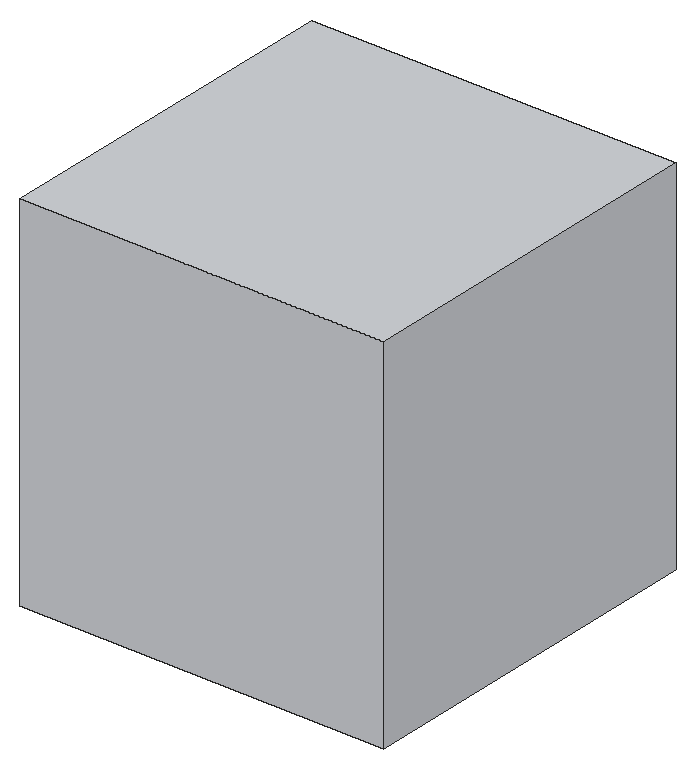
Revit family "Material Palette Block", category Generic Models, Revit 2021
Family settings
  Can host rebar = No
  Round Connector Dimension = Use Diameter
  Part Type = Normal
  Work Plane-Based = No
  Always vertical = Yes
  Cut with Voids When Loaded = No
  Shared = No
  Room Calculation Point = No
Parameters
  Material [instance] = none
  Default Elevation = 0 mm
  Breite [instance] = 1000 mm
Reference planes
  plane 1 "Center (Front/Back)": y = 0
  plane 2: z = 0
  plane 3 "Center (Left/Right)": x = 0
Forms (mm)
  Extrusion 1, solid
    sketch origin (0, 0, 0) x (1, 0, 0) y (0, 1, 0)
      loop
        line (-500, 500) -> (-500, -500) -> (500, -500) -> (500, 500) -> (-500, 500)
    from 0 to 1000
Dimensions and locks
  equal spacing: Extrusion 1 sketch curve, plane 3 "Center (Left/Right)", Extrusion 1 sketch curve
  equal spacing: Extrusion 1 sketch curve, plane 1 "Center (Front/Back)", Extrusion 1 sketch curve
  "Breite": Extrusion 1 sketch curve to Extrusion 1 sketch curve  (x2)
  aligned and locked: level to plane 2
